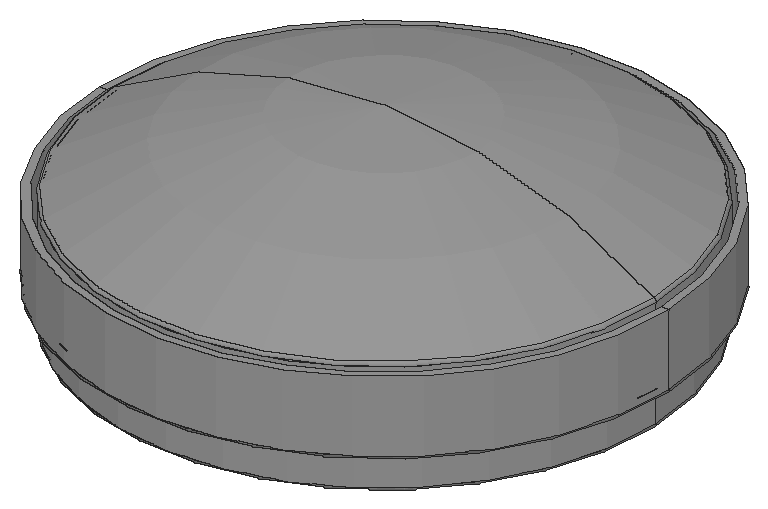
Revit family "3034770 Sylvania Lighting Fixture GIOTTO305 LED G2 4000K RECESSED DALI ", category Lighting Fixtures, host Face, Revit 2016
Family settings
  Host = Face
  Part Type = Normal
  Round Connector Dimension = Use Diameter
  OmniClass Number = 23.80.70.00
  OmniClass Title = Lighting
  Cut with Voids When Loaded = No
  Light Source = Yes
  Shared = No
  Room Calculation Point = No
Parameters (values of type "3034770 GIOTTO305 LED G2 4000K RECESSED DALI ")
  Weight = "1.11 kg"
  Wattage Comments = ""
  Wattage = 19 W
  WarrantyStartDate [instance] = "n/a"
  WarrantyGuarantorParts = "n/a"
  WarrantyDurationUnit = "n/a"
  WarrantyDurationParts = "n/a"
  WarrantyDescription = "n/a"
  built-in parameter 1150110 = 1 (stored number, unit not read)
  Voltage = 0 V
  URL = "http://www.sylvania-lighting.com"
  TypeName = "GIOTTO305 LED G2 4000K RECESSED DALI"
  Type Image = <None>
  Type Comments = "n/a"
  built-in parameter 1114217 = 1 (stored number, unit not read)
  Tilt Angle = -90.00°
  built-in parameter 1150109 = 1 (stored number, unit not read)
  built-in parameter 1150134 = 12
  built-in parameter 1150113 = 1 (stored number, unit not read)
  SerialNumber [instance] = "n/a"
  Photometric Web File = "3034770.ies"
  Material_3_SYL = LED-Sylvania
  PowerFactor = 0
  PowerConsumption = "19 W"
  NominalLength = 305 mm
  NominalHeight = 104 mm
  NominalDepth = 305 mm
  Name = "GIOTTO305 LED G2 4000K RECESSED DALI"
  ModelReference = Name  # "GIOTTO305 LED G2 4000K RECESSED DALI"
  ModelNumber = "3034770"
  Model = Name  # "GIOTTO305 LED G2 4000K RECESSED DALI"
  Material = "polycarbonate housing, polycarbonate diffuser"
  ManufacturerName = "Feilo Sylvania"
  Manufacturer = "Feilo Sylvania"
  LuminousEfficacy = "89 lm/W"
  built-in parameter 1150105 = 134.57 (stored number, unit not read)
  Lumens = 1691 lm
  LuminaireType = ""
  built-in parameter 1150115 = 1 (stored number, unit not read)
  LightOutputRatio = "n/a"
  built-in parameter 1150137 = (empty or 0)
  built-in parameter 1150139 = (empty or 0)
  LampsType = Lamp  # "LED"
  LampNominalLuminous = "1690 lm"
  LampMacAdamStep = "n/a"
  LampColourTemperature = "4000 K"
  LampColourRenderingIndex = "80"
  built-in parameter 1150112 = 1 (stored number, unit not read)
  built-in parameter 1150114 = 1 (stored number, unit not read)
  Lamp = "LED"
  Keynote = "16500"
  InstallationDate [instance] = "n/a"
  InputVoltage = "n/a"
  InputNominalFrequency = "n/a"
  built-in parameter 1150132 = (empty or 0)
  built-in parameter 1150102 = (empty or 0)
  built-in parameter 1150107 = 4000 (stored number, unit not read)
  built-in parameter 1150138 = (empty or 0)
  IngressProtection = "IP44"
  ImpactProtectionIndex = "IK10"
  built-in parameter 1150106 = 1.3457 (stored number, unit not read)
  IfcExportType = "IfcLightFixtureType"
  IfcExportAs = "IfcLightFixtureType"
  Height_SYL = 104 mm
  ExpectedLife = 50000
  Emit from Circle Diameter = 317 mm
  Emit Shape Visible in Rendering = no
  ElectricShockClassification = "Class I"
  built-in parameter 1150104 = 8.2684 (stored number, unit not read)
  DurationUnit = "hours"
  DocumentationLiterature = "http://www.sylvania-lighting.com/product/en-int/products/3034770"
  DimmingControlOptions = "n/a"
  Material_2_SYL = Polycarbonate_Sylvania_Giotto_Opal
  Dimming Lamp Color Temperature Shift = <None>
  DiffuserRadius_SYL = 282.611 mm
  Diameter_SYL = 305 mm
  Description = "Ambient and decorative round, recessed mounted LED bulkhead luminaire. White robust polycarbonate body with opal diffuser, 1690 lm, 19W, 89lm/W, 4000K, CRI 80, DALI, 50,000 hours lumen maintenance. Drive current: 700mA, IP44, IK10, Class I, 220-240V, Energy class: A++, A+, A."
  Default Elevation = 1219.2 mm
  CreatedOn = "11/7/2018"
  CreatedBy = "@sylvania-lighting.com"
  Cost = 0
  Color Filter = 16777215
  built-in parameter 1114216 [instance] = (empty or 0)
  ClassificationValue = "EF_70_80"
  ClassificationName = "Uniclass2015"
  Material_1_SYL = Polycarbonate_Sylvania_Giotto_White
  BarCode [instance] = "n/a"
  built-in parameter 1114218 = 1 (stored number, unit not read)
  built-in parameter 1150133 = 10 (stored number, unit not read)
  AssetType = "Fixed"
  AssetIdentifier [instance] = "n/a"
  Assembly Code = "D5020200"
  Apparent Load = 19 VA
  Material_4_SYL = none
Reference planes
  plane 1 "Center (Front/Back)": y = 0
  plane 2: z = 0
  plane 3 "Center (Left/Right)": x = 0
  plane 4: x = 152.5
  plane 5: x = -152.5
  plane 6: x = -145.5
  plane 7: x = -148.5
  plane 8: z = 104
  plane 9: z = 59
  plane 10: z = 19
  plane 11: z = 24
  plane 12: x = -150.9
  plane 13: z = 20.6
  plane 14: z = 1.6
  plane 15: x = -143.9
  plane 16: z = 18
  plane 17: x = -146.5
  plane 18: z = 25
  plane 19: z = 61
Forms (mm)
  Revolve 1, solid, material "Polycarbonate_Sylvania_Giotto_White" <- "Material_1_SYL"
    sketch origin (0, 0, 0) x (1, 0, 0) y (0, 0, 1)
      loop
        line (0, 0) -> (0, 25) -> (-143.9, 25) -> (-143.9, 24) -> (-148.5, 24) -> (-148.5, 59) -> (-152.5, 59) -> (-152.5, 20.6)
        arc (-152.5, 20.6) -> (-152.031, 19.469) -> (-150.9, 19) r 1.6
        line (-150.9, 19) -> (-146.5, 19)
        arc (-146.5, 19) -> (-145.793, 18.707) -> (-145.5, 18) r 1
        line (-145.5, 18) -> (-145.5, 1.6)
        arc (-145.5, 1.6) -> (-145.031, 0.469) -> (-143.9, 0) r 1.6
        line (-143.9, 0) -> (0, 0)
      axis (0, 59) -> (0, 0)
    angle from 360 to 0
  Revolve 2, solid, material "Polycarbonate_Sylvania_Giotto_Opal" <- "Material_2_SYL"
    sketch origin (0, 0, 0) x (1, 0, 0) y (0, 0, 1)
      loop
        line (-145.5, 24) -> (-143.9, 24) -> (-143.9, 59.636)
        arc (-143.9, 59.636) -> (-143.79, 60.068) -> (-143.485, 60.394) r 0.9
        arc (-143.485, 60.394) -> (-74.754, 91.683) -> (0, 102.4) r 266.066
        line (0, 102.4) -> (0, 104)
        arc (0, 104) -> (-75.203, 93.218) -> (-144.348, 61.742) r 267.666
        arc (-144.348, 61.742) -> (-145.193, 60.836) -> (-145.5, 59.636) r 2.5
        line (-145.5, 59.636) -> (-145.5, 24)
      axis (0, 104) -> (0, 24)
    angle from 360 to 0
Dimensions and locks
  equal spacing: plane 4, plane 3 "Center (Left/Right)", plane 5
  "Diameter_SYL": plane 4 to plane 5
  locked: plane 6 to plane 5 at 7
  locked: plane 7 to plane 5 at 4
  "Height_SYL": plane 8 to plane 2
  locked: plane 8 to plane 9 at 45
  locked: plane 9 to plane 10 at 40
  Revolve 1 sketch curve to Revolve 1 sketch curve = 4.4 mm
  locked: plane 11 to plane 10 at 5
  locked: plane 12 to plane 5 at 1.6
  locked: plane 13 to plane 10 at 1.6
  locked: plane 14 to plane 2 at 1.6
  locked: plane 15 to plane 6 at 1.6
  locked: plane 6 to plane 17 at 1
  locked: plane 10 to plane 16 at 1
  locked: plane 18 to plane 11 at 1
  locked: plane 19 to plane 9 at 2
  aligned and locked: plane 2 to host face
  aligned and locked: level to host face
  aligned and locked: Revolve 1 sketch curve to plane 3 "Center (Left/Right)"
  aligned and locked: level to Revolve 1 sketch curve
  aligned and locked: Revolve 1 sketch curve to plane 10
  aligned and locked: plane 9 to Revolve 1 sketch curve
  aligned and locked: Revolve 1 sketch curve to plane 7
  aligned and locked: plane 12 to Revolve 1 sketch curve  (x2)
  aligned and locked: plane 13 to Revolve 1 sketch curve  (x2)
  aligned and locked: plane 15 to Revolve 1 sketch curve  (x3)
  aligned and locked: plane 14 to Revolve 1 sketch curve  (x2)
  aligned and locked: plane 3 "Center (Left/Right)" to imposter light
  aligned and locked: imposter light to plane 1 "Center (Front/Back)"
  aligned and locked: plane 18 to Revolve 1 sketch curve
  aligned and locked: plane 11 to Revolve 1 sketch curve
  aligned and locked: imposter light to plane 8
  aligned and locked: plane 6 to Revolve 1 sketch curve
  aligned and locked: plane 17 to Revolve 1 sketch curve
  aligned and locked: plane 16 to Revolve 1 sketch curve
  aligned and locked: Revolve 2 sketch curve to plane 3 "Center (Left/Right)"
  aligned and locked: plane 6 to Revolve 2 sketch curve
  aligned and locked: plane 3 "Center (Left/Right)" to Revolve 2 sketch curve
  aligned and locked: plane 11 to Revolve 2 sketch curve
  aligned and locked: Revolve 2 sketch curve to imposter light
Automatic sketch dimensions
  host sketch curve to host sketch curve = 2438.4 mm  (x2)
  Revolve 1 sketch curve to plane 3 "Center (Left/Right)" = 0 mm
  Revolve 1 sketch curve to level = 609.6 mm
  Revolve 1 sketch curve to plane 8 = 2499.058 mm
  Revolve 2 sketch curve to Revolve 2 sketch curve = 0 mm  (x4)
  Revolve 2 sketch curve to plane 15 = 0 mm
  Revolve 2 sketch curve to plane 8 = 0 mm
  plane 15 to Revolve 2 sketch curve = 0.9 mm
  Revolve 2 sketch curve to level = 163.666 mm
  Revolve 2 sketch curve to plane 9 = 0.636 mm
  Revolve 2 sketch curve to Revolve 2 sketch curve = 445.934 mm
  Revolve 2 sketch curve to plane 8 = 2505.058 mm
Connectors
  electrical at (0, 0, 0), driven by "Apparent Load", driven by "PowerFactor", driven by "Voltage"
    settings: index 1, voltage 0 V, apparent load 19 VA, apparent load phase1 0 VA, apparent load phase2 0 VA, apparent load phase3 0 VA, power factor 0, load classification "Lighting", number of poles 1, system type 30, power factor state 1, is connector primary yes, connector utility no, sub classification motor no, connector description ""
